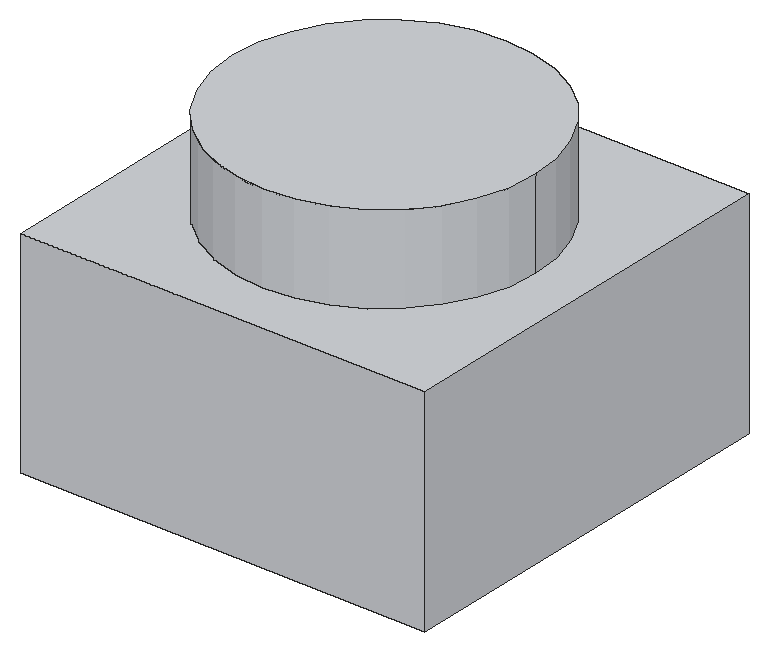
Revit family "75a96643f58d4bb59ec8d2937f6a47f0", category Telephone Devices, host Face, Revit 2021
Family settings
  Host = Face
  Maintain Annotation Orientation = No
  Round Connector Dimension = Use Diameter
  Part Type = Normal
  OmniClass Number = 23.85.50.14
  OmniClass Title = Telephone and Intercommunication Equipment
  Seek Item ID = Telephone Outlet - Floor-0000-USA-ENU
  Cut with Voids When Loaded = No
  Shared = No
  Room Calculation Point = No
Parameters (values of type "Standard")
  Width = 0' - 4"
  Height = 0' - 3"
  Default Elevation = 4' - 0"
Reference planes (in)
  plane 1 "Center (Front/Back)": y = 0
  plane 2: z = 0
  plane 3 "Center (Left/Right)": x = 0
  plane 4: y = 2
  plane 5: x = 2
  plane 6: x = -2
  plane 7: y = -2
  plane 8: y = -1.5
  plane 9: z = -0.875
  plane 10: z = -3
Forms (in)
  Extrusion 1, solid
    sketch origin (0, 0, 0) x (1, 0, 0) y (0, 1, 0)
      loop
        circle (0, 0) r 1.5
    from 0 to -0.875
  Extrusion 2, solid
    sketch origin (0, 0, 0) x (1, 0, 0) y (0, 1, 0)
      loop
        line (-2, 2) -> (-2, -2) -> (2, -2) -> (2, 2) -> (-2, 2)
    from -0.875 to -3
Lines and regions (in)
  symbolic lines, detail levels fine
    curve 1: line (2, 2, 0) -> (-2, 2, 0)
    curve 2: line (2, -2, 0) -> (2, 2, 0)
    curve 3: line (-2, 2, 0) -> (-2, -2, 0)
    curve 4: line (-2, -2, 0) -> (2, -2, 0)
    curve 5: arc (1.5, 0, 0) -> (0, 1.5, 0) -> (-1.5, 0, 0) r 1.5
    curve 6: arc (-1.5, 0, 0) -> (0, -1.5, 0) -> (1.5, 0, 0) r 1.5
    curve 7: arc (1.5, 0, 0) -> (0, 1.5, 0) -> (-1.5, 0, 0) r 1.5
    curve 8: arc (-1.5, 0, 0) -> (0, -1.5, 0) -> (1.5, 0, 0) r 1.5
Dimensions and locks (in)
  equal spacing: plane 4, plane 1 "Center (Front/Back)", plane 7
  "Width": plane 4 to plane 7
  equal spacing: plane 6, plane 3 "Center (Left/Right)", plane 5
  "Width": plane 6 to plane 5
  locked: host face to plane 9 at 0.875
  "Height": host face to plane 10
  radius of Extrusion 1 = 0' - 1 1/2"
  aligned and locked: plane 2 to host face
  aligned and locked: level to host face
  aligned and locked: plane 6 to Extrusion 2 sketch curve
  aligned and locked: Extrusion 2 sketch curve to plane 4
  aligned and locked: plane 7 to Extrusion 2 sketch curve
  aligned and locked: Extrusion 2 sketch curve to plane 5
  aligned and locked: Extrusion 2 to plane 10
  aligned and locked: plane 9 to Extrusion 1
  aligned and locked: curve 1 to Extrusion 2
  aligned and locked: curve 2 to Extrusion 2
  aligned and locked: curve 5 to Extrusion 1
  aligned and locked: curve 8 to Extrusion 1
Automatic sketch dimensions
  Extrusion 1 sketch curve to plane 1 "Center (Front/Back)" = 0' - 0"
  Extrusion 1 sketch curve to plane 3 "Center (Left/Right)" = 0' - 0"
  curve 1 to plane 6 = 0' - 0"
  curve 4 to plane 7 = 0' - 0"
  curve 2 to plane 4 = 0' - 0"
  host sketch curve to host sketch curve = 8' - 0"  (x2)
  radius of Extrusion 1 sketch curve = 0' - 1 1/2"
Nested families (in)
  nested 1: "Floor Telephone Annotation" at (0, 0, 0), type "Floor Telephone Annotation", detail levels coarse+medium
Connectors (in)
  electrical at (2, 0, -1.9375)
    settings: on Extrusion 2, index 1, voltage 0 V, apparent load 0 VA, apparent load phase1 0 VA, apparent load phase2 0 VA, apparent load phase3 0 VA, power factor 1, load classification "Other", number of poles 1, system type 9, power factor state 1, is connector primary yes, connector utility no, sub classification motor no, connector description ""
Definition of nested family "Floor Telephone Annotation"
  Reference planes (in)
    plane 1: y = 0
    plane 2: x = 0
  Lines and regions (in)
    Filled region 1, type "Filled region 1"
      outline origin (0, 0, 0) x (1, 0, 0) y (0, 1, 0)
        loop
          line (-0.09375, 0.0625) -> (0, -0.0625) -> (0.09375, 0.0625) -> (-0.09375, 0.0625)
    detail lines, not visible
      curve 1: line (1.18689, 1.24987, 0) -> (1.31189, 1.24987, 0)
      curve 2: line (1.24939, 1.24987, 0) -> (1.24939, 1.39145, 0)
      curve 3: line (0.00554, 0.05786, 0) -> (0.13054, 0.05786, 0)
      curve 4: line (0.06804, 0.05786, 0) -> (0.06804, 0.09217, 0)
      curve 5: line (0.22702, 0.2025, 0) -> (0.22702, 0.015, 0)
      curve 6: line (0.22702, 0.10875, 0) -> (0.34838, 0.10875, 0)
      curve 7: line (0.05784, 0.21361, 0) -> (0.30784, 0.21361, 0)
      curve 8: line (0.18284, 0.21361, 0) -> (0.18284, -0.05436, 0)
    reference lines
      curve 9: line (-0.125, 0.21361, 0) -> (-0.125, -0.18349, 0)
      curve 10: line (0.125, 0.21361, 0) -> (0.125, -0.24174, 0)
      curve 11: line (0.22702, 0.09375, 0) -> (-0.16328, 0.09375, 0)
      curve 12: line (0.22702, -0.09375, 0) -> (-0.19338, -0.09375, 0)
      curve 21: line (-0.10496, -0.0625, 0) -> (0.1068, -0.0625, 0)
      curve 22: line (-0.10496, 0.0625, 0) -> (0.1068, 0.0625, 0)
      curve 25: line (-0.09375, -0.21427, 0) -> (-0.09375, 0.15553, 0)
      curve 26: line (0.09375, -0.21427, 0) -> (0.09375, 0.14526, 0)
    detail lines
      curve 13: line (-0.125, 0.09375, 0) -> (0.125, 0.09375, 0)
      curve 14: line (-0.125, -0.09375, 0) -> (-0.125, 0.09375, 0)
      curve 15: line (0.125, -0.09375, 0) -> (-0.125, -0.09375, 0)
      curve 16: line (0.125, 0.09375, 0) -> (0.125, -0.09375, 0)
      curve 27: line (-0.09375, 0.0625, 0) -> (0.09375, 0.0625, 0)
      curve 28: line (0.09375, 0.0625, 0) -> (0, -0.0625, 0)
      curve 29: line (0, -0.0625, 0) -> (-0.09375, 0.0625, 0)
    reference lines, not visible
      curve 17: line (-0.44968, -0.23274, 0) -> (-0.44968, -0.35774, 0)
      curve 18: line (-0.44968, -0.29524, 0) -> (-0.29005, -0.29524, 0)
      curve 19: line (-0.58604, 0.15678, 0) -> (-0.46104, 0.15678, 0)
      curve 20: line (-0.52354, 0.15678, 0) -> (-0.52354, 0.0625, 0)
      curve 23: line (-0.50019, -0.21427, 0) -> (-0.31269, -0.21427, 0)
      curve 24: line (-0.40644, -0.21427, 0) -> (-0.40644, -0.3645, 0)
  Dimensions and locks (in)
    locked: curve 11 to curve 12 at 0.1875
    locked: curve 9 to curve 10 at 0.25
    locked: curve 21 to curve 22 at 0.125
    locked: curve 25 to curve 26 at 0.1875
    equal spacing: curve 28, plane 2, curve 29, locked at 36.8699° each
    aligned and locked: curve 9 to curve 13
    aligned and locked: curve 12 to curve 16
    aligned and locked: curve 10 to curve 16
    aligned and locked: curve 22 to curve 27
    aligned and locked: Filled region 1 sketch curve to curve 27
    aligned and locked: Filled region 1 sketch curve to curve 29
    aligned and locked: Filled region 1 sketch curve to curve 28
